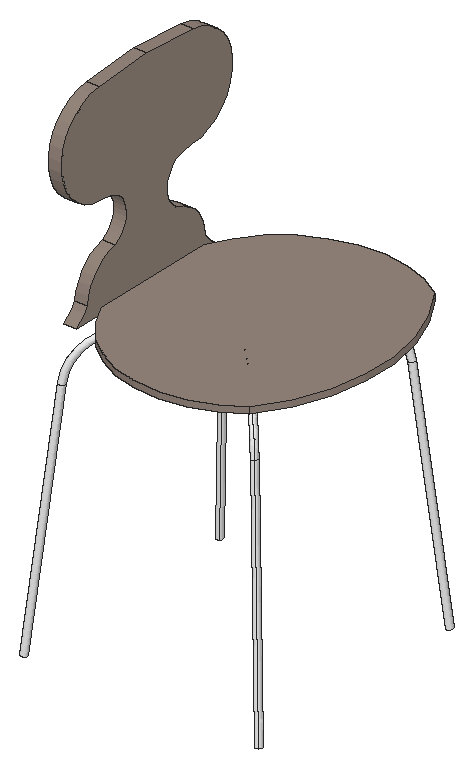
Revit family "Chair 2", category Furniture, Revit 2023
Family settings
  Work Plane-Based = No
  Enable Cutting in Views = No
  Always vertical = Yes
  Cut with Voids When Loaded = No
  Render Appearance Source = Family Geometry
  Shared = No
  Room Calculation Point = No
Parameters
  Keynote = "12600"
  Manufacturer = ""
  Default Elevation = 0 mm
  Bracket Material = Herman Miller - Finish 47 Trivalent Chrome
  Model = ""
  Cushion/Chair Back Material = Herman Miller - Veneer Z5 Maple
Reference planes
  plane 1 "Center F/B": y = -198.997
  plane 2: z = 0
  plane 3 "Center L/R": x = -1.022
Forms (mm)
  Sweep 1, solid, material "Herman Miller - Finish 47 Trivalent Chrome" <- "Bracket Material"
    path origin (61.052, -65.204, 45) x (0, 0, -1) y (0.707107, -0.707107, 0)
      loop
        line (45, -82.843) -> (-332.364, -36.508)
        arc (-332.364, -36.508) -> (-382.531, -10.114) -> (-402.615, 42.895) r 80
        line (-402.615, 42.895) -> (-402.615, 181.322)
    profile origin (18.855, -23.007, 188.682) x (-0.701836, 0.701836, 0.121869) y (-0.707107, -0.707107, 0)
      loop
        circle (0, 0) r 5
  Sweep 2, solid, material "Herman Miller - Finish 47 Trivalent Chrome" <- "Bracket Material"
    path origin (57.516, -325.168, 45) x (0, 0, -1) y (0.707107, 0.707107, 0)
      loop
        line (45, -82.843) -> (-332.364, -36.508)
        arc (-332.364, -36.508) -> (-382.531, -10.114) -> (-402.615, 42.895) r 80
        line (-402.615, 42.895) -> (-402.615, 181.322)
    profile origin (15.319, -367.364, 188.682) x (-0.701836, -0.701836, 0.121869) y (0.707107, -0.707107, 0)
      loop
        circle (0, 0) r 5
  Sweep 3, solid, material "Herman Miller - Finish 47 Trivalent Chrome" <- "Bracket Material"
    path origin (303.338, -65.204, 45) x (0, 0, -1) y (0.707107, 0.707107, 0)
      loop
        line (45, 82.843) -> (-332.364, 36.508)
        arc (-332.364, 36.508) -> (-382.531, 10.114) -> (-402.615, -42.895) r 80
        line (-402.615, -42.895) -> (-402.615, -181.322)
    profile origin (345.535, -23.007, 188.682) x (0.701836, 0.701836, 0.121869) y (-0.707107, 0.707107, 0)
      loop
        circle (0, 0) r 5
  Sweep 4, solid, material "Herman Miller - Finish 47 Trivalent Chrome" <- "Bracket Material"
    path origin (306.873, -325.168, 45) x (0, 0, -1) y (0.707107, -0.707107, 0)
      loop
        line (45, 82.843) -> (-332.364, 36.508)
        arc (-332.364, 36.508) -> (-382.531, 10.114) -> (-402.615, -42.895) r 80
        line (-402.615, -42.895) -> (-402.615, -181.322)
    profile origin (349.07, -367.364, 188.682) x (0.701836, -0.701836, 0.121869) y (0.707107, 0.707107, 0)
      loop
        circle (0, 0) r 5
  Extrusion 5, solid, material "Herman Miller - Veneer Z5 Maple" <- "Cushion/Chair Back Material"
    sketch origin (0, 0, 0) x (1, 0, 0) y (0, 1, 0)
      loop
        arc (340, -9.099) -> (152.776, 17.913) -> (32.728, -128.274) r 192.616
        line (32.728, -128.274) -> (32.728, -249.923)
        arc (32.728, -249.923) -> (152.776, -396.11) -> (340, -369.099) r 192.616
        arc (340, -369.099) -> (400.673, -189.099) -> (340, -9.099) r 297.34
    from 450 to 460
  Extrusion 6, solid, material "Herman Miller - Veneer Z5 Maple" <- "Cushion/Chair Back Material"
    sketch origin (390, -409.099, -27.081) x (0, 0, -1) y (0, 1, 0)
      loop
        arc (-498.809, 95.839) -> (-486.21, 86.065) -> (-477.081, 72.99) r 53.087
        line (-477.081, 72.99) -> (-477.081, 347.212)
        arc (-477.081, 347.212) -> (-486.21, 334.138) -> (-498.809, 324.364) r 53.087
        arc (-498.809, 324.364) -> (-539.073, 308.301) -> (-561.143, 270.989) r 67.175
        arc (-561.143, 270.989) -> (-601.737, 249.17) -> (-634.197, 281.887) r 38.521
        line (-634.197, 281.887) -> (-636.604, 298.938)
        arc (-636.604, 298.938) -> (-714.694, 376.726) -> (-796.127, 302.444) r 79.872
        line (-796.127, 302.444) -> (-802.584, 210.101) -> (-796.127, 117.759)
        arc (-796.127, 117.759) -> (-714.694, 43.477) -> (-636.604, 121.265) r 79.872
        line (-636.604, 121.265) -> (-634.197, 138.316)
        arc (-634.197, 138.316) -> (-601.737, 171.033) -> (-561.143, 149.213) r 38.521
        arc (-561.143, 149.213) -> (-539.073, 111.901) -> (-498.809, 95.839) r 67.175
    from -367.272 to -347.272
Dimensions and locks
  aligned and locked: plane 1 "Center F/B" to Extrusion 6
